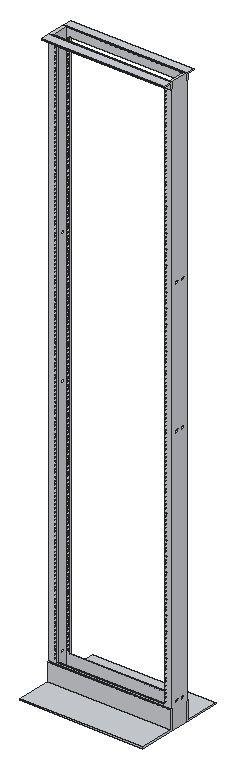
Revit family (continued)
Forms (in)
  Extrusion 47, void
    sketch origin (0, 0, -92.75) x (1, 0, 0) y (0, 0, 1)
      loop
        line (9.175, 63.8075) -> (9.086, 63.8075) -> (9.086, 63.6295) -> (9.175, 63.6295) -> (9.264, 63.6295) -> (9.264, 63.7185) -> (9.264, 63.8075) -> (9.175, 63.8075)
    from 0 to 36
  Extrusion 48, void
    sketch origin (0, 0, -94.5) x (1, 0, 0) y (0, 0, 1)
      loop
        line (-9.175, 65.0575) -> (-9.264, 65.0575) -> (-9.264, 64.9685) -> (-9.264, 64.8795) -> (-9.175, 64.8795) -> (-9.086, 64.8795) -> (-9.086, 65.0575) -> (-9.175, 65.0575)
      loop
        line (-9.175, 64.4325) -> (-9.264, 64.4325) -> (-9.264, 64.3435) -> (-9.264, 64.2545) -> (-9.175, 64.2545) -> (-9.086, 64.2545) -> (-9.086, 64.4325) -> (-9.175, 64.4325)
      loop
        line (-9.175, 63.8075) -> (-9.264, 63.8075) -> (-9.264, 63.7185) -> (-9.264, 63.6295) -> (-9.175, 63.6295) -> (-9.086, 63.6295) -> (-9.086, 63.8075) -> (-9.175, 63.8075)
      loop
        line (9.175, 65.0575) -> (9.086, 65.0575) -> (9.086, 64.8795) -> (9.175, 64.8795) -> (9.264, 64.8795) -> (9.264, 64.9685) -> (9.264, 65.0575) -> (9.175, 65.0575)
      loop
        line (9.175, 64.4325) -> (9.086, 64.4325) -> (9.086, 64.2545) -> (9.175, 64.2545) -> (9.264, 64.2545) -> (9.264, 64.3435) -> (9.264, 64.4325) -> (9.175, 64.4325)
      loop
        line (9.175, 63.8075) -> (9.086, 63.8075) -> (9.086, 63.6295) -> (9.175, 63.6295) -> (9.264, 63.6295) -> (9.264, 63.7185) -> (9.264, 63.8075) -> (9.175, 63.8075)
    from 0 to 36
  Extrusion 49, void
    sketch origin (0, 0, -96.25) x (1, 0, 0) y (0, 0, 1)
      loop
        line (-9.175, 65.0575) -> (-9.264, 65.0575) -> (-9.264, 64.9685) -> (-9.264, 64.8795) -> (-9.175, 64.8795) -> (-9.086, 64.8795) -> (-9.086, 65.0575) -> (-9.175, 65.0575)
      loop
        line (-9.175, 64.4325) -> (-9.264, 64.4325) -> (-9.264, 64.3435) -> (-9.264, 64.2545) -> (-9.175, 64.2545) -> (-9.086, 64.2545) -> (-9.086, 64.4325) -> (-9.175, 64.4325)
      loop
        line (-9.175, 63.8075) -> (-9.264, 63.8075) -> (-9.264, 63.7185) -> (-9.264, 63.6295) -> (-9.175, 63.6295) -> (-9.086, 63.6295) -> (-9.086, 63.8075) -> (-9.175, 63.8075)
      loop
        line (9.175, 65.0575) -> (9.086, 65.0575) -> (9.086, 64.8795) -> (9.175, 64.8795) -> (9.264, 64.8795) -> (9.264, 64.9685) -> (9.264, 65.0575) -> (9.175, 65.0575)
      loop
        line (9.175, 64.4325) -> (9.086, 64.4325) -> (9.086, 64.2545) -> (9.175, 64.2545) -> (9.264, 64.2545) -> (9.264, 64.3435) -> (9.264, 64.4325) -> (9.175, 64.4325)
      loop
        line (9.175, 63.8075) -> (9.086, 63.8075) -> (9.086, 63.6295) -> (9.175, 63.6295) -> (9.264, 63.6295) -> (9.264, 63.7185) -> (9.264, 63.8075) -> (9.175, 63.8075)
    from 0 to 36
  Extrusion 50, void
    sketch origin (0, 0, -98) x (1, 0, 0) y (0, 0, 1)
      loop
        line (-9.175, 65.0575) -> (-9.264, 65.0575) -> (-9.264, 64.9685) -> (-9.264, 64.8795) -> (-9.175, 64.8795) -> (-9.086, 64.8795) -> (-9.086, 65.0575) -> (-9.175, 65.0575)
      loop
        line (-9.175, 64.4325) -> (-9.264, 64.4325) -> (-9.264, 64.3435) -> (-9.264, 64.2545) -> (-9.175, 64.2545) -> (-9.086, 64.2545) -> (-9.086, 64.4325) -> (-9.175, 64.4325)
      loop
        line (-9.175, 63.8075) -> (-9.264, 63.8075) -> (-9.264, 63.7185) -> (-9.264, 63.6295) -> (-9.175, 63.6295) -> (-9.086, 63.6295) -> (-9.086, 63.8075) -> (-9.175, 63.8075)
      loop
        line (9.175, 65.0575) -> (9.086, 65.0575) -> (9.086, 64.8795) -> (9.175, 64.8795) -> (9.264, 64.8795) -> (9.264, 64.9685) -> (9.264, 65.0575) -> (9.175, 65.0575)
      loop
        line (9.175, 64.4325) -> (9.086, 64.4325) -> (9.086, 64.2545) -> (9.175, 64.2545) -> (9.264, 64.2545) -> (9.264, 64.3435) -> (9.264, 64.4325) -> (9.175, 64.4325)
      loop
        line (9.175, 63.8075) -> (9.086, 63.8075) -> (9.086, 63.6295) -> (9.175, 63.6295) -> (9.264, 63.6295) -> (9.264, 63.7185) -> (9.264, 63.8075) -> (9.175, 63.8075)
    from 0 to 36
  Extrusion 51, void
    sketch origin (0, 0, -99.75) x (1, 0, 0) y (0, 0, 1)
      loop
        line (-9.175, 65.0575) -> (-9.264, 65.0575) -> (-9.264, 64.9685) -> (-9.264, 64.8795) -> (-9.175, 64.8795) -> (-9.086, 64.8795) -> (-9.086, 65.0575) -> (-9.175, 65.0575)
      loop
        line (-9.175, 64.4325) -> (-9.264, 64.4325) -> (-9.264, 64.3435) -> (-9.264, 64.2545) -> (-9.175, 64.2545) -> (-9.086, 64.2545) -> (-9.086, 64.4325) -> (-9.175, 64.4325)
      loop
        line (-9.175, 63.8075) -> (-9.264, 63.8075) -> (-9.264, 63.7185) -> (-9.264, 63.6295) -> (-9.175, 63.6295) -> (-9.086, 63.6295) -> (-9.086, 63.8075) -> (-9.175, 63.8075)
      loop
        line (9.175, 65.0575) -> (9.086, 65.0575) -> (9.086, 64.8795) -> (9.175, 64.8795) -> (9.264, 64.8795) -> (9.264, 64.9685) -> (9.264, 65.0575) -> (9.175, 65.0575)
      loop
        line (9.175, 64.4325) -> (9.086, 64.4325) -> (9.086, 64.2545) -> (9.175, 64.2545) -> (9.264, 64.2545) -> (9.264, 64.3435) -> (9.264, 64.4325) -> (9.175, 64.4325)
      loop
        line (9.175, 63.8075) -> (9.086, 63.8075) -> (9.086, 63.6295) -> (9.175, 63.6295) -> (9.264, 63.6295) -> (9.264, 63.7185) -> (9.264, 63.8075) -> (9.175, 63.8075)
    from 0 to 36
  Extrusion 52, void
    sketch origin (0, 0, -101.5) x (1, 0, 0) y (0, 0, 1)
      loop
        line (-9.175, 65.0575) -> (-9.264, 65.0575) -> (-9.264, 64.9685) -> (-9.264, 64.8795) -> (-9.175, 64.8795) -> (-9.086, 64.8795) -> (-9.086, 65.0575) -> (-9.175, 65.0575)
      loop
        line (-9.175, 64.4325) -> (-9.264, 64.4325) -> (-9.264, 64.3435) -> (-9.264, 64.2545) -> (-9.175, 64.2545) -> (-9.086, 64.2545) -> (-9.086, 64.4325) -> (-9.175, 64.4325)
      loop
        line (-9.175, 63.8075) -> (-9.264, 63.8075) -> (-9.264, 63.7185) -> (-9.264, 63.6295) -> (-9.175, 63.6295) -> (-9.086, 63.6295) -> (-9.086, 63.8075) -> (-9.175, 63.8075)
      loop
        line (9.175, 65.0575) -> (9.086, 65.0575) -> (9.086, 64.8795) -> (9.175, 64.8795) -> (9.264, 64.8795) -> (9.264, 64.9685) -> (9.264, 65.0575) -> (9.175, 65.0575)
      loop
        line (9.175, 64.4325) -> (9.086, 64.4325) -> (9.086, 64.2545) -> (9.175, 64.2545) -> (9.264, 64.2545) -> (9.264, 64.3435) -> (9.264, 64.4325) -> (9.175, 64.4325)
      loop
        line (9.175, 63.8075) -> (9.086, 63.8075) -> (9.086, 63.6295) -> (9.175, 63.6295) -> (9.264, 63.6295) -> (9.264, 63.7185) -> (9.264, 63.8075) -> (9.175, 63.8075)
    from 0 to 36
  Extrusion 53, void
    sketch origin (0, 0, -103.25) x (1, 0, 0) y (0, 0, 1)
      loop
        line (-9.175, 65.0575) -> (-9.264, 65.0575) -> (-9.264, 64.9685) -> (-9.264, 64.8795) -> (-9.175, 64.8795) -> (-9.086, 64.8795) -> (-9.086, 65.0575) -> (-9.175, 65.0575)
      loop
        line (-9.175, 64.4325) -> (-9.264, 64.4325) -> (-9.264, 64.3435) -> (-9.264, 64.2545) -> (-9.175, 64.2545) -> (-9.086, 64.2545) -> (-9.086, 64.4325) -> (-9.175, 64.4325)
      loop
        line (-9.175, 63.8075) -> (-9.264, 63.8075) -> (-9.264, 63.7185) -> (-9.264, 63.6295) -> (-9.175, 63.6295) -> (-9.086, 63.6295) -> (-9.086, 63.8075) -> (-9.175, 63.8075)
      loop
        line (9.175, 65.0575) -> (9.086, 65.0575) -> (9.086, 64.8795) -> (9.175, 64.8795) -> (9.264, 64.8795) -> (9.264, 64.9685) -> (9.264, 65.0575) -> (9.175, 65.0575)
      loop
        line (9.175, 64.4325) -> (9.086, 64.4325) -> (9.086, 64.2545) -> (9.175, 64.2545) -> (9.264, 64.2545) -> (9.264, 64.3435) -> (9.264, 64.4325) -> (9.175, 64.4325)
      loop
        line (9.175, 63.8075) -> (9.086, 63.8075) -> (9.086, 63.6295) -> (9.175, 63.6295) -> (9.264, 63.6295) -> (9.264, 63.7185) -> (9.264, 63.8075) -> (9.175, 63.8075)
    from 0 to 36
  Extrusion 54, void
    sketch origin (0, 0, -105) x (1, 0, 0) y (0, 0, 1)
      loop
        line (-9.175, 65.0575) -> (-9.264, 65.0575) -> (-9.264, 64.9685) -> (-9.264, 64.8795) -> (-9.175, 64.8795) -> (-9.086, 64.8795) -> (-9.086, 65.0575) -> (-9.175, 65.0575)
      loop
        line (-9.175, 64.4325) -> (-9.264, 64.4325) -> (-9.264, 64.3435) -> (-9.264, 64.2545) -> (-9.175, 64.2545) -> (-9.086, 64.2545) -> (-9.086, 64.4325) -> (-9.175, 64.4325)
      loop
        line (-9.175, 63.8075) -> (-9.264, 63.8075) -> (-9.264, 63.7185) -> (-9.264, 63.6295) -> (-9.175, 63.6295) -> (-9.086, 63.6295) -> (-9.086, 63.8075) -> (-9.175, 63.8075)
      loop
        line (9.175, 65.0575) -> (9.086, 65.0575) -> (9.086, 64.8795) -> (9.175, 64.8795) -> (9.264, 64.8795) -> (9.264, 64.9685) -> (9.264, 65.0575) -> (9.175, 65.0575)
      loop
        line (9.175, 64.4325) -> (9.086, 64.4325) -> (9.086, 64.2545) -> (9.175, 64.2545) -> (9.264, 64.2545) -> (9.264, 64.3435) -> (9.264, 64.4325) -> (9.175, 64.4325)
      loop
        line (9.175, 63.8075) -> (9.086, 63.8075) -> (9.086, 63.6295) -> (9.175, 63.6295) -> (9.264, 63.6295) -> (9.264, 63.7185) -> (9.264, 63.8075) -> (9.175, 63.8075)
    from 0 to 36
  Extrusion 55, void
    sketch origin (0, 0, -106.75) x (1, 0, 0) y (0, 0, 1)
      loop
        line (-9.175, 65.0575) -> (-9.264, 65.0575) -> (-9.264, 64.9685) -> (-9.264, 64.8795) -> (-9.175, 64.8795) -> (-9.086, 64.8795) -> (-9.086, 65.0575) -> (-9.175, 65.0575)
      loop
        line (-9.175, 64.4325) -> (-9.264, 64.4325) -> (-9.264, 64.3435) -> (-9.264, 64.2545) -> (-9.175, 64.2545) -> (-9.086, 64.2545) -> (-9.086, 64.4325) -> (-9.175, 64.4325)
      loop
        line (-9.175, 63.8075) -> (-9.264, 63.8075) -> (-9.264, 63.7185) -> (-9.264, 63.6295) -> (-9.175, 63.6295) -> (-9.086, 63.6295) -> (-9.086, 63.8075) -> (-9.175, 63.8075)
      loop
        line (9.175, 65.0575) -> (9.086, 65.0575) -> (9.086, 64.8795) -> (9.175, 64.8795) -> (9.264, 64.8795) -> (9.264, 64.9685) -> (9.264, 65.0575) -> (9.175, 65.0575)
      loop
        line (9.175, 64.4325) -> (9.086, 64.4325) -> (9.086, 64.2545) -> (9.175, 64.2545) -> (9.264, 64.2545) -> (9.264, 64.3435) -> (9.264, 64.4325) -> (9.175, 64.4325)
      loop
        line (9.175, 63.8075) -> (9.086, 63.8075) -> (9.086, 63.6295) -> (9.175, 63.6295) -> (9.264, 63.6295) -> (9.264, 63.7185) -> (9.264, 63.8075) -> (9.175, 63.8075)
    from 0 to 36
  Extrusion 56, void
    sketch origin (0, 0, -108.5) x (1, 0, 0) y (0, 0, 1)
      loop
        line (-9.175, 65.0575) -> (-9.264, 65.0575) -> (-9.264, 64.9685) -> (-9.264, 64.8795) -> (-9.175, 64.8795) -> (-9.086, 64.8795) -> (-9.086, 65.0575) -> (-9.175, 65.0575)
      loop
        line (-9.175, 64.4325) -> (-9.264, 64.4325) -> (-9.264, 64.3435) -> (-9.264, 64.2545) -> (-9.175, 64.2545) -> (-9.086, 64.2545) -> (-9.086, 64.4325) -> (-9.175, 64.4325)
      loop
        line (-9.175, 63.8075) -> (-9.264, 63.8075) -> (-9.264, 63.7185) -> (-9.264, 63.6295) -> (-9.175, 63.6295) -> (-9.086, 63.6295) -> (-9.086, 63.8075) -> (-9.175, 63.8075)
      loop
        line (9.175, 65.0575) -> (9.086, 65.0575) -> (9.086, 64.8795) -> (9.175, 64.8795) -> (9.264, 64.8795) -> (9.264, 64.9685) -> (9.264, 65.0575) -> (9.175, 65.0575)
      loop
        line (9.175, 64.4325) -> (9.086, 64.4325) -> (9.086, 64.2545) -> (9.175, 64.2545) -> (9.264, 64.2545) -> (9.264, 64.3435) -> (9.264, 64.4325) -> (9.175, 64.4325)
      loop
        line (9.175, 63.8075) -> (9.086, 63.8075) -> (9.086, 63.6295) -> (9.175, 63.6295) -> (9.264, 63.6295) -> (9.264, 63.7185) -> (9.264, 63.8075) -> (9.175, 63.8075)
    from 0 to 36
  Extrusion 57, void
    sketch origin (0, 0, -110.25) x (1, 0, 0) y (0, 0, 1)
      loop
        line (-9.175, 65.0575) -> (-9.264, 65.0575) -> (-9.264, 64.9685) -> (-9.264, 64.8795) -> (-9.175, 64.8795) -> (-9.086, 64.8795) -> (-9.086, 65.0575) -> (-9.175, 65.0575)
      loop
        line (-9.175, 64.4325) -> (-9.264, 64.4325) -> (-9.264, 64.3435) -> (-9.264, 64.2545) -> (-9.175, 64.2545) -> (-9.086, 64.2545) -> (-9.086, 64.4325) -> (-9.175, 64.4325)
      loop
        line (-9.175, 63.8075) -> (-9.264, 63.8075) -> (-9.264, 63.7185) -> (-9.264, 63.6295) -> (-9.175, 63.6295) -> (-9.086, 63.6295) -> (-9.086, 63.8075) -> (-9.175, 63.8075)
      loop
        line (9.175, 65.0575) -> (9.086, 65.0575) -> (9.086, 64.8795) -> (9.175, 64.8795) -> (9.264, 64.8795) -> (9.264, 64.9685) -> (9.264, 65.0575) -> (9.175, 65.0575)
      loop
        line (9.175, 64.4325) -> (9.086, 64.4325) -> (9.086, 64.2545) -> (9.175, 64.2545) -> (9.264, 64.2545) -> (9.264, 64.3435) -> (9.264, 64.4325) -> (9.175, 64.4325)
      loop
        line (9.175, 63.8075) -> (9.086, 63.8075) -> (9.086, 63.6295) -> (9.175, 63.6295) -> (9.264, 63.6295) -> (9.264, 63.7185) -> (9.264, 63.8075) -> (9.175, 63.8075)
    from 0 to 36
  Extrusion 58, void
    sketch origin (0, 0, -112) x (1, 0, 0) y (0, 0, 1)
      loop
        line (-9.175, 65.0575) -> (-9.264, 65.0575) -> (-9.264, 64.9685) -> (-9.264, 64.8795) -> (-9.175, 64.8795) -> (-9.086, 64.8795) -> (-9.086, 65.0575) -> (-9.175, 65.0575)
      loop
        line (-9.175, 64.4325) -> (-9.264, 64.4325) -> (-9.264, 64.3435) -> (-9.264, 64.2545) -> (-9.175, 64.2545) -> (-9.086, 64.2545) -> (-9.086, 64.4325) -> (-9.175, 64.4325)
      loop
        line (-9.175, 63.8075) -> (-9.264, 63.8075) -> (-9.264, 63.7185) -> (-9.264, 63.6295) -> (-9.175, 63.6295) -> (-9.086, 63.6295) -> (-9.086, 63.8075) -> (-9.175, 63.8075)
      loop
        line (9.175, 65.0575) -> (9.086, 65.0575) -> (9.086, 64.8795) -> (9.175, 64.8795) -> (9.264, 64.8795) -> (9.264, 64.9685) -> (9.264, 65.0575) -> (9.175, 65.0575)
      loop
        line (9.175, 64.4325) -> (9.086, 64.4325) -> (9.086, 64.2545) -> (9.175, 64.2545) -> (9.264, 64.2545) -> (9.264, 64.3435) -> (9.264, 64.4325) -> (9.175, 64.4325)
      loop
        line (9.175, 63.8075) -> (9.086, 63.8075) -> (9.086, 63.6295) -> (9.175, 63.6295) -> (9.264, 63.6295) -> (9.264, 63.7185) -> (9.264, 63.8075) -> (9.175, 63.8075)
    from 0 to 36
  Extrusion 59, void
    sketch origin (0, 0, -113.75) x (1, 0, 0) y (0, 0, 1)
      loop
        line (-9.175, 65.0575) -> (-9.264, 65.0575) -> (-9.264, 64.9685) -> (-9.264, 64.8795) -> (-9.175, 64.8795) -> (-9.086, 64.8795) -> (-9.086, 65.0575) -> (-9.175, 65.0575)
      loop
        line (-9.175, 64.4325) -> (-9.264, 64.4325) -> (-9.264, 64.3435) -> (-9.264, 64.2545) -> (-9.175, 64.2545) -> (-9.086, 64.2545) -> (-9.086, 64.4325) -> (-9.175, 64.4325)
      loop
        line (-9.175, 63.8075) -> (-9.264, 63.8075) -> (-9.264, 63.7185) -> (-9.264, 63.6295) -> (-9.175, 63.6295) -> (-9.086, 63.6295) -> (-9.086, 63.8075) -> (-9.175, 63.8075)
      loop
        line (9.175, 65.0575) -> (9.086, 65.0575) -> (9.086, 64.8795) -> (9.175, 64.8795) -> (9.264, 64.8795) -> (9.264, 64.9685) -> (9.264, 65.0575) -> (9.175, 65.0575)
      loop
        line (9.175, 64.4325) -> (9.086, 64.4325) -> (9.086, 64.2545) -> (9.175, 64.2545) -> (9.264, 64.2545) -> (9.264, 64.3435) -> (9.264, 64.4325) -> (9.175, 64.4325)
      loop
        line (9.175, 63.8075) -> (9.086, 63.8075) -> (9.086, 63.6295) -> (9.175, 63.6295) -> (9.264, 63.6295) -> (9.264, 63.7185) -> (9.264, 63.8075) -> (9.175, 63.8075)
    from 0 to 36
Cuts and joins
  Extrusion 3, Extrusion 4, Extrusion 5, Extrusion 7, Extrusion 8, Extrusion 9, Extrusion 10, Extrusion 11, Extrusion 12, Extrusion 13, Extrusion 14, Extrusion 15, Extrusion 16, Extrusion 17, Extrusion 18, Extrusion 19, Extrusion 20, Extrusion 21, Extrusion 22, Extrusion 23, Extrusion 24, Extrusion 25, Extrusion 26, Extrusion 27, Extrusion 28, Extrusion 29, Extrusion 30, Extrusion 31, Extrusion 32, Extrusion 33, Extrusion 34, Extrusion 35, Extrusion 36, Extrusion 37, Extrusion 38, Extrusion 39, Extrusion 40, Extrusion 41, Extrusion 42, Extrusion 43, Extrusion 44, Extrusion 45, Extrusion 46, Extrusion 47, Extrusion 48, Extrusion 49, Extrusion 50, Extrusion 51, Extrusion 52, Extrusion 53, Extrusion 54, Extrusion 55, Extrusion 56, Extrusion 57, Extrusion 58, Extrusion 59 cuts Extrusion 2
  Extrusion 7, Extrusion 8, Extrusion 9, Extrusion 10, Extrusion 11, Extrusion 12, Extrusion 13, Extrusion 14, Extrusion 15, Extrusion 16, Extrusion 17, Extrusion 18, Extrusion 19, Extrusion 20, Extrusion 21, Extrusion 22, Extrusion 23, Extrusion 24, Extrusion 25, Extrusion 26, Extrusion 27, Extrusion 28, Extrusion 29, Extrusion 30, Extrusion 31, Extrusion 32, Extrusion 33, Extrusion 34, Extrusion 35, Extrusion 36, Extrusion 37, Extrusion 38, Extrusion 39, Extrusion 40, Extrusion 41, Extrusion 42, Extrusion 43, Extrusion 44, Extrusion 45, Extrusion 46, Extrusion 47, Extrusion 48, Extrusion 49, Extrusion 50, Extrusion 51, Extrusion 52, Extrusion 53, Extrusion 54, Extrusion 55, Extrusion 56, Extrusion 57, Extrusion 58, Extrusion 59 cuts Extrusion 6
Dimensions and locks (in)
  equal spacing: group 2, group 3, group 4, group 5, group 6, group 7, group 8, group 9, group 10, group 11, group 12, group 13, group 14, group 15, group 16, group 17, group 18, group 19, group 20, group 21, group 22, group 23, group 24, group 25, group 26, group 27, group 28, group 29, group 30, group 31, group 32, group 33, group 34, group 35, group 36, group 37, group 38, group 39, group 40, group 41, group 42, group 43, group 44, group 45, group 46, group 47, group 48, group 49, group 50, group 51, group 52, group 53  (x2)
  equal spacing: group 53, group 52, group 51, group 50, group 49, group 48, group 47, group 46, group 45, group 44, group 43, group 42, group 41, group 40, group 39, group 38, group 37, group 36, group 35, group 34, group 33, group 32, group 31, group 30, group 29, group 28, group 27, group 26, group 25, group 24, group 23, group 22, group 21, group 20, group 19, group 18, group 17, group 16, group 15, group 14, group 13, group 12, group 11, group 10, group 9, group 8, group 7, group 6, group 5, group 4, group 3, group 2
